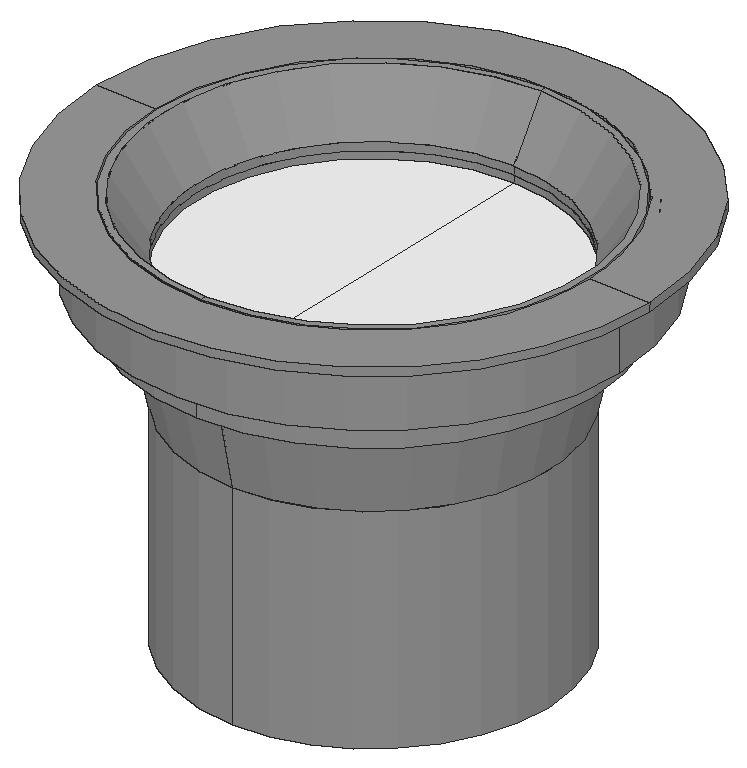
Revit family "0005336", category Lighting Fixtures, host Face, Revit 2017
Family settings
  Host = Face
  Round Connector Dimension = Use Diameter
  Part Type = Normal
  OmniClass Number = 23.80.70.00
  OmniClass Title = Lighting
  Cut with Voids When Loaded = No
  Light Source = No
  Shared = No
  Room Calculation Point = No
Parameters (values of type "0005336+0005334 Ludospot 111 Hous RND 145 FIXED IP44 WHT + Ludospot 111 3550lm 940 MB")
  Weight = "n/a"
  Wattage Comments = ""
  WarrantyStartDate [instance] = "n/a"
  WarrantyGuarantorParts = "n/a"
  WarrantyDurationUnit = "n/a"
  WarrantyDurationParts = "n/a"
  WarrantyDescription = "n/a"
  Voltage = 230 V
  URL = "http://www.sylvania-lighting.com"
  TypeName = "Ludospot 111 Hous Rnd 145mm Tilt WHT + Ludospot 111 3550lm 940 MB"
  TypeLamp_SYL = Ludospot 111 Modules : 0005334 Ludospot 111 3550lm 940 MB
  Type Image = <None>
  Type Comments = "n/a"
  TrimHeight_SYL = 2 mm
  TiltAngle_SYL [instance] = 0.00°
  SerialNumber [instance] = "n/a"
  RecessRadius_SYL = 60 mm
  RecessDepth_SYL = 100 mm
  RadiusTrim_SYL = 67.5 mm
  Material_3_SYL = none
  PowerFactor = 0
  PowerConsumption = "38 W"
  NominalLength = 145 mm
  NominalHeight = 0 mm
  NominalDepth = 145 mm
  Name = "Ludospot 111 Hous Rnd 145mm Tilt WHT + Ludospot 111 3550lm 940 MB"
  ModelReference = Name  # "Ludospot 111 Hous Rnd 145mm Tilt WHT + Ludospot 111 3550lm 940 MB"
  ModelNumber = "0005336+0005334"
  Model = Name  # "Ludospot 111 Hous Rnd 145mm Tilt WHT + Ludospot 111 3550lm 940 MB"
  Material = "aluminium housing"
  ManufacturerName = "Feilo Sylvania"
  Manufacturer = "Feilo Sylvania"
  LuminousEfficacy = "93 lm/W"
  LuminaireType = ""
  LightOutputRatio = "n/a"
  LampsType = Lamp  # "LED"
  LampNominalLuminous = "3550 lm"
  LampMacAdamStep = "3"
  LampColourTemperature = "4000 K"
  LampColourRenderingIndex = "90"
  Lamp = "LED"
  Keynote = "16500"
  InstallationDate [instance] = "n/a"
  InputVoltage = "220-240 V AC"
  InputNominalFrequency = "50/60 Hz"
  IngressProtection = "IP20"
  ImpactProtectionIndex = "IK03"
  IfcExportType = "IfcLightFixtureType"
  IfcExportAs = "IfcLightFixtureType"
  EndAnfle_SYL [instance] = TiltAngle_SYL + 180.00°  # 180.00°
  ElectricShockClassification = "n/a"
  DocumentationLiterature = "http://www.sylvania-lighting.com/product/en-int/products/0005336"
  DimmingControlOptions = "n/a"
  Material_2_SYL = none
  Description = ""
  Default Elevation = 1219.2 mm
  CreatedOn = "7/29/2019"
  CreatedBy = "@sylvania-lighting.com"
  Cost = 0
  built-in parameter 1114216 [instance] = (empty or 0)
  ClassificationValue = "EF_70_80"
  ClassificationName = "Uniclass2015"
  Material_1_SYL = PC/ABS Plastic
  BarCode [instance] = "n/a"
  AssetType = "Fixed"
  AssetIdentifier [instance] = "n/a"
  Assembly Code = "D5020200"
  Apparent Load = 0 VA
  Material_4_SYL = none
Types (4, lengths in mm): name | TypeName | TypeLamp_SYL | PowerConsumption | Name | ModelReference | ModelNumber | Model | LuminousEfficacy | LampNominalLuminous | LampColourTemperature
  0005336+0005334 Ludospot 111 Hous RND 145 FIXED IP44 WHT + Ludospot 111 3550lm 940 MB | "Ludospot 111 Hous Rnd 145mm Tilt WHT + Ludospot 111 3550lm 940 MB" | Ludospot 111 Modules : 0005334 Ludospot 111 3550lm 940 MB | "38 W" | "Ludospot 111 Hous Rnd 145mm Tilt WHT + Ludospot 111 3550lm 940 MB" | "Ludospot 111 Hous Rnd 145mm Tilt WHT + Ludospot 111 3550lm 940 MB" | "0005336+0005334" | "Ludospot 111 Hous Rnd 145mm Tilt WHT + Ludospot 111 3550lm 940 MB" | "93 lm/W" | "3550 lm" | "4000 K"
  0005336+0005333 Ludospot 111 Hous RND 145 FIXED IP44 WHT + Ludospot 111 3500lm 930 MB | "Ludospot 111 Hous Rnd 145mm Tilt WHT + Ludospot 111 3500lm 930 MB" | Ludospot 111 Modules : 0005333 Ludospot 111 3500lm 930 MB | "38 W" | "Ludospot 111 Hous Rnd 145mm Tilt WHT + Ludospot 111 3500lm 930 MB" | "Ludospot 111 Hous Rnd 145mm Tilt WHT + Ludospot 111 3500lm 930 MB" | "0005336+0005333" | "Ludospot 111 Hous Rnd 145mm Tilt WHT + Ludospot 111 3500lm 930 MB" | "92 lm/W" | "3500 lm" | "3000 K"
  0005336+0005332 Ludospot 111 Hous RND 145 FIXED IP44 WHT + Ludospot 111 2225lm 940 MB | "Ludospot 111 Hous Rnd 145mm Tilt WHT + Ludospot 111 2225lm 940 MB" | Ludospot 111 Modules : 0005332 Ludospot 111 2225lm 940 MB | "24 W" | "Ludospot 111 Hous Rnd 145mm Tilt WHT + Ludospot 111 2225lm 940 MB" | "Ludospot 111 Hous Rnd 145mm Tilt WHT + Ludospot 111 2225lm 940 MB" | "0005336+0005332" | "Ludospot 111 Hous Rnd 145mm Tilt WHT + Ludospot 111 2225lm 940 MB" | "93 lm/W" | "2225 lm" | "4000 K"
  0005336+0005331 Ludospot 111 Hous RND 145 FIXED IP44 WHT + Ludospot 111 2025lm 930 MB | "Ludospot 111 Hous Rnd 145mm Tilt WHT + Ludospot 111 2025lm 930 MB" | Ludospot 111 Modules : 0005331 Ludospot 111 2025lm 930 MB | "24 W" | "Ludospot 111 Hous Rnd 145mm Tilt WHT + Ludospot 111 2025lm 930 MB" | "Ludospot 111 Hous Rnd 145mm Tilt WHT + Ludospot 111 2025lm 930 MB" | "0005336+0005331" | "Ludospot 111 Hous Rnd 145mm Tilt WHT + Ludospot 111 2025lm 930 MB" | "84 lm/W" | "2025 lm" | "3000 K"
Reference planes
  plane 1 "Center (Front/Back)": y = 0
  plane 2: z = 0
  plane 3 "Center (Left/Right)": x = 0
  plane 4: x = -60
  plane 5: z = -100
  plane 6: x = -67.5
  plane 7: z = 2
  plane 8: x = -53
  plane 9: x = -56
  plane 10: z = -16
  plane 11: x = -51
  plane 12: x = -52.6
  plane 13: x = -42.8
  plane 14: z = -10.6
  plane 15: z = -12.6
  plane 16: x = -55
  plane 17: x = -5
  plane 18: y = 10
Forms (mm)
  Revolve 1, void
    sketch origin (0, 0, 0) x (1, 0, 0) y (0, 0, 1)
      loop
        line (0, 0) -> (-60, 0) -> (-60, -100) -> (0, -100) -> (0, 0)
      axis (0, 0) -> (0, -100)
    angle from 360 to 0
  Revolve 2, solid, material "PC/ABS Plastic" <- "Material_1_SYL"
    sketch origin (0, 0, 0) x (1, 0, 0) y (0, 0, 1)
      loop
        line (-67.5, 2) -> (-67.5, 0) -> (-60, 0) -> (-60, -16) -> (-56, -16) -> (-56, 0) -> (-53, 0) -> (-53, 2) -> (-67.5, 2)
      axis (0, 2) -> (0, -16)
    angle from 360 to 0
  Revolve 3, solid, not visible
    sketch origin (178.584, -4572, 2) x (0, -1, 0) y (1, 0, 0)
      loop
        line (-4582, -178.584) -> (-4582, -183.584) -> (-4572, -183.584) -> (-4572, -178.584) -> (-4582, -178.584)
      axis (-4582, -178.584) -> (-4572, -178.584)
    angle from 0 <- "TiltAngle_SYL" to 180 <- "EndAnfle_SYL"
Dimensions and locks
  equal spacing: host sketch curve, plane 1 "Center (Front/Back)", host sketch curve
  equal spacing: host sketch curve, plane 3 "Center (Left/Right)", host sketch curve
  "RecessRadius_SYL": plane 3 "Center (Left/Right)" to plane 4
  "RecessDepth_SYL": plane 2 to plane 5
  "RadiusTrim_SYL": plane 3 "Center (Left/Right)" to plane 6
  "TrimHeight_SYL": plane 7 to plane 2
  locked: plane 3 "Center (Left/Right)" to plane 8 at 53
  locked: plane 3 "Center (Left/Right)" to plane 9 at 56
  locked: plane 2 to plane 10 at 16
  locked: plane 3 "Center (Left/Right)" to plane 11 at 51
  locked: plane 11 to plane 12 at 1.6
  locked: plane 3 "Center (Left/Right)" to plane 13 at 42.8
  locked: plane 7 to plane 14 at 12.6
  locked: plane 14 to plane 15 at 2
  locked: plane 13 to plane 16 at 12.2
  locked: plane 17 to plane 3 "Center (Left/Right)" at 5
  locked: plane 1 "Center (Front/Back)" to plane 18 at 10
  Revolve 3 sketch curve to Revolve 3 sketch curve = 10 mm
  aligned and locked: plane 2 to host face
  aligned and locked: level to host face
  aligned and locked: Revolve 1 sketch curve to plane 3 "Center (Left/Right)"
  aligned and locked: host face to Revolve 1 sketch curve
  aligned and locked: plane 3 "Center (Left/Right)" to Revolve 1 sketch curve
  aligned and locked: Revolve 1 sketch curve to plane 4
  aligned and locked: plane 5 to Revolve 1 sketch curve
  aligned and locked: Revolve 2 sketch curve to plane 6
  aligned and locked: plane 7 to Revolve 2 sketch curve
  aligned and locked: Revolve 2 sketch curve to plane 8
  aligned and locked: plane 9 to Revolve 2 sketch curve  (x2)
  aligned and locked: level to Revolve 2 sketch curve
  aligned and locked: Revolve 2 sketch curve to level
  aligned and locked: Revolve 2 sketch curve to plane 4
  aligned and locked: Revolve 2 sketch curve to plane 3 "Center (Left/Right)"
  aligned and locked: plane 10 to Revolve 2 sketch curve
  aligned and locked: plane 18 to Revolve 3 sketch curve
  aligned and locked: Revolve 3 sketch curve to plane 3 "Center (Left/Right)"  (x2)
  aligned and locked: plane 17 to Revolve 3 sketch curve
  aligned and locked: nested 2 to nested 1  (x2)
Automatic sketch dimensions
  plane 5 to Revolve 1 sketch curve = 509.6 mm
  Revolve 1 sketch curve to Revolve 1 sketch curve = 2609.058 mm
  plane 5 to Revolve 2 sketch curve = 509.6 mm
  Revolve 2 sketch curve to plane 7 = 2607.058 mm
  Revolve 3 sketch curve to plane 18 = 1514 mm
  Revolve 3 sketch curve to Revolve 3 sketch curve = 1524 mm
Nested families
  nested 1: "inner_ring" at (0, 0, 2) x (0, -1, 0) z (0, 0, 1), type "Type 1"
    with WarrantyStartDate "n/a", SerialNumber "n/a", InstallationDate "n/a", built-in parameter 1114216 (empty or 0), BarCode "n/a", AssetIdentifier "n/a"
  nested 2: "Ludospot 111 Modules" at (0, 0, -12.6) x (0, 1, 0) z (0, 0, 1), type <- "TypeLamp_SYL", type "0005334 Ludospot 111 3550lm 940 MB"
    with WarrantyStartDate "n/a", SerialNumber "n/a", InstallationDate "n/a", built-in parameter 1114216 (empty or 0), BarCode "n/a", AssetIdentifier "n/a"
Definition of nested family "inner_ring"
  Parameters (values of type "Type 1")
    Wattage Comments = ""
    WarrantyStartDate [instance] = "n/a"
    WarrantyGuarantorParts = "n/a"
    WarrantyDurationUnit = "n/a"
    WarrantyDurationParts = "n/a"
    WarrantyDescription = "n/a"
    URL = "http://www.sylvania-lighting.com"
    TypeName = ""
    Type Image = (empty or 0)
    Type Comments = "n/a"
    SerialNumber [instance] = "n/a"
    Material_3_SYL = none
    NominalLength = 110 mm
    NominalHeight = 0 mm
    NominalDepth = 110 mm
    Name = ""
    ModelReference = Name  # ""
    ModelNumber = ""
    Model = Name  # ""
    Material = ""
    ManufacturerName = "Feilo Sylvania"
    Manufacturer = "Feilo Sylvania"
    Lamp = "LED"
    Keynote = "16500"
    InstallationDate [instance] = "n/a"
    IfcExportType = "IfcLightFixtureType"
    IfcExportAs = "IfcLightFixtureType"
    DocumentationLiterature = ""
    Material_2_SYL = none
    Description = ""
    Default Elevation = 1219.2 mm
    CreatedOn = "7/29/2019"
    CreatedBy = "@sylvania-lighting.com"
    Cost = 0
    built-in parameter 1114216 [instance] = (empty or 0)
    ClassificationValue = "EF_70_80"
    ClassificationName = "Uniclass2015"
    Material_1_SYL = none
    BarCode [instance] = "n/a"
    AssetType = "Fixed"
    AssetIdentifier [instance] = "n/a"
    Assembly Code = "D5020200"
    Apparent Load = 0 VA
    Material_4_SYL = none
  Reference planes
    plane 1 "Center (Front/Back)": y = 0
    plane 2: z = 0
    plane 3 "Center (Left/Right)": x = 0
    plane 4: z = -100
    plane 5: z = 0
    plane 6: x = -51
    plane 7: x = -52.6
    plane 8: x = -42.8
    plane 9: z = -12.6
    plane 10: z = -14.6
    plane 11: x = -55
    plane 12: z = -2
  Forms (mm)
    Extrusion 1, solid
      sketch origin (4.2, 0, 0) x (1, 0, 0) y (0, 1, 0)
        loop
          line (-44.2, 40) -> (-44.2, -40) -> (35.8, -40) -> (35.8, 40) -> (-44.2, 40)
      from 0 to -68.017
    Revolve 2, solid, material <- "Material_1_SYL"
      sketch origin (0, 0, 0) x (1, 0, 0) y (0, 0, 1)
        loop
          line (-42.8, -12.6) -> (-51, 0) -> (-52.6, 0) -> (-52.6, -2) -> (-55, -2) -> (-55, -14.6) -> (-42.8, -14.6) -> (-42.8, -12.6)
        axis (0, 0) -> (0, -14.6)
      angle from 360 to 0
  Lines and regions (mm)
    reference lines
      curve 1: line (-51, 0, 0) -> (-42.8, 0, -12.6)
  Dimensions and locks
    equal spacing: Extrusion 1 sketch curve, plane 1 "Center (Front/Back)", Extrusion 1 sketch curve
    equal spacing: Extrusion 1 sketch curve, plane 3 "Center (Left/Right)", Extrusion 1 sketch curve
    locked: plane 3 "Center (Left/Right)" to plane 6 at 51
    locked: plane 6 to plane 7 at 1.6
    locked: plane 3 "Center (Left/Right)" to plane 8 at 42.8
    locked: plane 5 to plane 9 at 12.6
    locked: plane 9 to plane 10 at 2
    locked: plane 8 to plane 11 at 12.2
    locked: plane 5 to plane 12 at 2
    aligned and locked: plane 2 to Extrusion 1
    aligned and locked: level to Extrusion 1
    aligned and locked: plane 5 to curve 1
    aligned and locked: plane 6 to curve 1
    aligned and locked: plane 8 to curve 1
    aligned and locked: plane 9 to curve 1
    aligned and locked: Revolve 2 sketch curve to plane 3 "Center (Left/Right)"
    aligned and locked: curve 1 to Revolve 2 sketch curve
    aligned and locked: plane 10 to Revolve 2 sketch curve  (x2)
    aligned and locked: Revolve 2 sketch curve to plane 8
    aligned and locked: Revolve 2 sketch curve to curve 1
    aligned and locked: Revolve 2 sketch curve to plane 5
    aligned and locked: plane 12 to Revolve 2 sketch curve
    aligned and locked: Revolve 2 sketch curve to plane 7
    aligned and locked: Revolve 2 sketch curve to plane 12
    aligned and locked: Revolve 2 sketch curve to plane 11
Definition of nested family "Ludospot 111 Modules"
  Parameters (values of type "0005331 Ludospot 111 2025lm 930 MB")
    Weight = "n/a"
    Wattage Comments = ""
    Wattage = 24 W
    WarrantyStartDate [instance] = "n/a"
    WarrantyGuarantorParts = "n/a"
    WarrantyDurationUnit = "n/a"
    WarrantyDurationParts = "n/a"
    WarrantyDescription = "n/a"
    built-in parameter 1150110 = 1 (stored number, unit not read)
    Voltage = 230 V
    URL = "http://www.sylvania-lighting.com"
    TypeName = "Ludospot 111 2025lm 930 MB"
    Type Image = (empty or 0)
    Type Comments = "n/a"
    built-in parameter 1114217 = 1 (stored number, unit not read)
    Tilt Angle = -90.00°
    built-in parameter 1150109 = 1 (stored number, unit not read)
    built-in parameter 1150134 = (empty or 0)
    built-in parameter 1150113 = 1 (stored number, unit not read)
    SlopeHeight_SYL = if(S_SYL, 30 mm, 20 mm)  # 30 mm
    SerialNumber [instance] = "n/a"
    S_SYL = yes
    RingHeight_SYL = if(S_SYL, 2.6 mm, 3.6 mm)  # 2.6 mm
    Radius_SYL = 55.5 mm
    RadiusDiff_SYL = 42.8 mm
    Radius4_SYL = if(S_SYL, 52 mm, 47.4 mm)  # 52 mm
    Radius3_SYL = 53.8 mm
    Radius2_SYL = 52.4 mm
    Photometric Web File = "0005331.ies"
    Material_3_SYL = none
    PowerFactor = 0.9
    PowerConsumption = "24 W"
    NominalLength = 111 mm
    NominalHeight = 43 mm
    NominalDepth = 111 mm
    Name = "Ludospot 111 2025lm 930 MB"
    ModelReference = Name  # "Ludospot 111 2025lm 930 MB"
    ModelNumber = "0005331"
    Model = Name  # "Ludospot 111 2025lm 930 MB"
    Material = "aluminium housing"
    ManufacturerName = "Feilo Sylvania"
    Manufacturer = "Feilo Sylvania"
    LuminousEfficacy = "84 lm/W"
    built-in parameter 1150105 = 160.43 (stored number, unit not read)
    Lumens = 2016 lm
    LuminaireType = ""
    built-in parameter 1150115 = 1 (stored number, unit not read)
    LightOutputRatio = "n/a"
    built-in parameter 1150137 = (empty or 0)
    built-in parameter 1150139 = (empty or 0)
    LampsType = Lamp  # "LED"
    LampNominalLuminous = "2025 lm"
    LampMacAdamStep = "3"
    LampColourTemperature = "3000 K"
    LampColourRenderingIndex = "90"
    built-in parameter 1150112 = 1 (stored number, unit not read)
    built-in parameter 1150114 = 1 (stored number, unit not read)
    Lamp = "LED"
    Keynote = "16500"
    InstallationDate [instance] = "n/a"
    InputVoltage = "220-240 V AC"
    InputNominalFrequency = "50/60 Hz"
    built-in parameter 1150132 = (empty or 0)
    built-in parameter 1150102 = (empty or 0)
    built-in parameter 1150107 = 3000 (stored number, unit not read)
    built-in parameter 1150138 = (empty or 0)
    IngressProtection = "IP20"
    ImpactProtectionIndex = "IK03"
    built-in parameter 1150106 = 1.6043 (stored number, unit not read)
    IfcExportType = "IfcLightFixtureType"
    IfcExportAs = "IfcLightFixtureType"
    Height_SYL = if(S_SYL, 42.6 mm, 82.5 mm)  # 42.6 mm
    Emit from Circle Diameter = RadiusDiff_SYL * 2  # 85.6 mm
    Emit Shape Visible in Rendering = no
    ElectricShockClassification = "Class II"
    built-in parameter 1150104 = 7.8039 (stored number, unit not read)
    DocumentationLiterature = "http://www.sylvania-lighting.com/product/en-int/products/0005331"
    DimmingControlOptions = "n/a"
    Material_2_SYL = none
    Dimming Lamp Color Temperature Shift = (empty or 0)
    Description = ""
    Default Elevation = 1219.2 mm
    CreatedOn = "7/29/2019"
    CreatedBy = "@sylvania-lighting.com"
    Cost = 0
    Color Filter = 16777215
    built-in parameter 1114216 [instance] = (empty or 0)
    ClassificationValue = "EF_70_80"
    ClassificationName = "Uniclass2015"
    Material_1_SYL = none
    BarCode [instance] = "n/a"
    built-in parameter 1114218 = 1 (stored number, unit not read)
    built-in parameter 1150133 = 10 (stored number, unit not read)
    AssetType = "Fixed"
    AssetIdentifier [instance] = "n/a"
    Assembly Code = "D5020200"
    Apparent Load = 24 VA
    Material_4_SYL = none
  Types (4, lengths in mm): name | Wattage | TypeName | built-in parameter 1150134 | SlopeHeight_SYL | S_SYL | RingHeight_SYL | Radius4_SYL | Photometric Web File | PowerConsumption | NominalHeight | Name | ModelReference | ModelNumber | Model | LuminousEfficacy | built-in parameter 1150105 | Lumens | LampNominalLuminous | LampColourTemperature | built-in parameter 1150107 | built-in parameter 1150106 | Height_SYL | built-in parameter 1150104 | DocumentationLiterature | Apparent Load
    0005334 Ludospot 111 3550lm 940 MB | 38 W | "Ludospot 111 3550lm 940 MB" | 12 | 20 | no | 3.6 | 47.4 | "0005334.ies" | "38 W" | 80 | "Ludospot 111 3550lm 940 MB" | "Ludospot 111 3550lm 940 MB" | "0005334" | "Ludospot 111 3550lm 940 MB" | "93 lm/W" | 281.23 (stored number, unit not read) | 3534 lm | "3550 lm" | "4000 K" | 4000 (stored number, unit not read) | 2.8123 (stored number, unit not read) | 82.5 | 8.64 (stored number, unit not read) | "http://www.sylvania-lighting.com/product/en-int/products/0005334" | 38 VA
    0005333 Ludospot 111 3500lm 930 MB | 38 W | "Ludospot 111 3500lm 930 MB" | (empty or 0) | 20 | no | 3.6 | 47.4 | "0005333.ies" | "38 W" | 80 | "Ludospot 111 3500lm 930 MB" | "Ludospot 111 3500lm 930 MB" | "0005333" | "Ludospot 111 3500lm 930 MB" | "92 lm/W" | 278.2 (stored number, unit not read) | 3496 lm | "3500 lm" | "3000 K" | 3000 (stored number, unit not read) | 2.782 (stored number, unit not read) | 82.5 | 8.5471 (stored number, unit not read) | "http://www.sylvania-lighting.com/product/en-int/products/0005333" | 38 VA
    0005332 Ludospot 111 2225lm 940 MB | 24 W | "Ludospot 111 2225lm 940 MB" | 12 | 30 | yes | 2.6 | 52 | "0005332.ies" | "24 W" | 43 | "Ludospot 111 2225lm 940 MB" | "Ludospot 111 2225lm 940 MB" | "0005332" | "Ludospot 111 2225lm 940 MB" | "93 lm/W" | 177.62 (stored number, unit not read) | 2232 lm | "2225 lm" | "4000 K" | 4000 (stored number, unit not read) | 1.7762 (stored number, unit not read) | 42.6 | 8.64 (stored number, unit not read) | "http://www.sylvania-lighting.com/product/en-int/products/0005332" | 24 VA
    0005331 Ludospot 111 2025lm 930 MB | 24 W | "Ludospot 111 2025lm 930 MB" | (empty or 0) | 30 | yes | 2.6 | 52 | "0005331.ies" | "24 W" | 43 | "Ludospot 111 2025lm 930 MB" | "Ludospot 111 2025lm 930 MB" | "0005331" | "Ludospot 111 2025lm 930 MB" | "84 lm/W" | 160.43 (stored number, unit not read) | 2016 lm | "2025 lm" | "3000 K" | 3000 (stored number, unit not read) | 1.6043 (stored number, unit not read) | 42.6 | 7.8039 (stored number, unit not read) | "http://www.sylvania-lighting.com/product/en-int/products/0005331" | 24 VA
  Reference planes
    plane 1 "Center (Front/Back)": y = 0
    plane 2: z = 0
    plane 3 "Center (Left/Right)": x = 0
    plane 4: x = -55.5
    plane 5: z = -4.35
    plane 6: x = -52.4
    plane 7: z = -9.75
    plane 8: x = -42.8
    plane 9: z = -1.75
    plane 10: x = -53.8
    plane 11: x = -52
    plane 12: z = -39.75
    plane 13: z = 40.75
    plane 14: z = -42.6
  Forms (mm)
    Extrusion 1, solid
      sketch origin (1119.2, -1119.2, 0) x (1, 0, 0) y (0, 1, 0)
        loop
          line (-1219.2, 1219.2) -> (-1219.2, 1019.2) -> (-1019.2, 1019.2) -> (-1019.2, 1219.2) -> (-1219.2, 1219.2)
      from 0 to -10
    Revolve 2, solid, material <- "Material_1_SYL"
      sketch origin (0, 0, 0) x (1, 0, 0) y (0, 0, 1)
        loop
          line (0, -1.75) -> (-42.8, -1.75) -> (-42.8, 0) -> (-52.4, 0) -> (-52.4, -1.75) -> (-55.5, -1.75) -> (-55.5, -4.35) -> (-53.8, -4.35) -> (-53.8, -9.75) -> (-52, -9.75) -> (-42.8, -39.75) -> (-42.8, -42.6) -> (0, -42.6) -> (0, -1.75)
        axis (0, 0) -> (0, -42.6)
      angle from 360 to 0
  Dimensions and locks
    "Radius_SYL": plane 3 "Center (Left/Right)" to plane 4
    "Radius2_SYL": plane 3 "Center (Left/Right)" to plane 6
    "RadiusDiff_SYL": plane 3 "Center (Left/Right)" to plane 8
    locked: plane 2 to plane 9 at 1.75
    "RingHeight_SYL": plane 9 to plane 5
    locked: plane 5 to plane 7 at 5.4
    "Radius3_SYL": plane 3 "Center (Left/Right)" to plane 10
    "Radius4_SYL": plane 3 "Center (Left/Right)" to plane 11
    "SlopeHeight_SYL": plane 7 to plane 12
    "Height_SYL": level to plane 14
    aligned and locked: plane 2 to Extrusion 1
    aligned and locked: level to Extrusion 1
    aligned and locked: plane 3 "Center (Left/Right)" to imposter light
    aligned and locked: imposter light to plane 1 "Center (Front/Back)"
    aligned and locked: Revolve 2 sketch curve to plane 9  (x2)
    aligned and locked: plane 8 to Revolve 2 sketch curve
    aligned and locked: level to Revolve 2 sketch curve
    aligned and locked: Revolve 2 sketch curve to plane 6
    aligned and locked: Revolve 2 sketch curve to plane 4
    aligned and locked: plane 5 to Revolve 2 sketch curve
    aligned and locked: plane 7 to Revolve 2 sketch curve
    aligned and locked: plane 10 to Revolve 2 sketch curve
    aligned and locked: plane 12 to Revolve 2 sketch curve
    aligned and locked: Revolve 2 sketch curve to plane 8
    aligned and locked: plane 14 to Revolve 2 sketch curve
    aligned and locked: plane 3 "Center (Left/Right)" to Revolve 2 sketch curve
    aligned and locked: Revolve 2 sketch curve to plane 3 "Center (Left/Right)"
    aligned and locked: imposter light to plane 9
  Automatic sketch dimensions
    Extrusion 1 sketch curve to Extrusion 1 sketch curve = 200 mm  (x2)
    plane 11 to Revolve 2 sketch curve = 0 mm
    plane 14 to Revolve 2 sketch curve = 527.1 mm
    Revolve 2 sketch curve to plane 13 = 2568.308 mm
